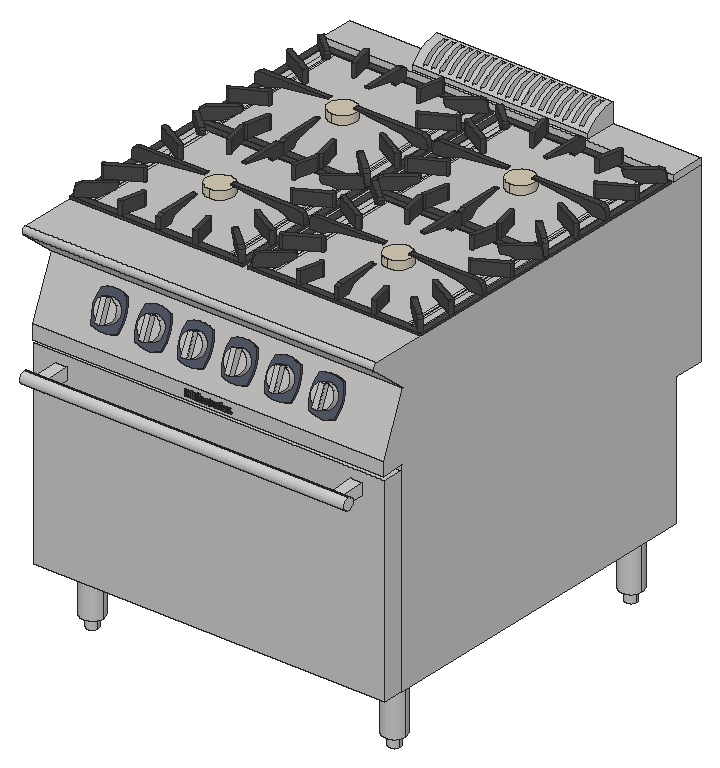
Revit family "QF_ELECTROLUXPROFESSIONAL_391574_E9AAMTBCMEI", category Attrezzature speciali, Revit 2018 (continued)
Automatic sketch dimensions
  Extrusion 17 sketch curve to plane 12 = 298.908 mm
  plane 5 "FRONT" to Extrusion 17 sketch curve = 31.821 mm
  Extrusion 17 sketch curve to Extrusion 17 sketch curve = 3.343 mm
  Extrusion 17 sketch curve to Extrusion 17 sketch curve = 2.066 mm
  Extrusion 17 sketch curve to Extrusion 17 sketch curve = 0 mm  (x2)
  Extrusion 17 sketch curve to Extrusion 17 sketch curve = 1.593 mm
  Extrusion 17 sketch curve to Extrusion 17 sketch curve = 5.756 mm
  Extrusion 17 sketch curve to Extrusion 17 sketch curve = 4.906 mm
  Extrusion 17 sketch curve to Extrusion 17 sketch curve = 5.312 mm
  plane 5 "FRONT" to Extrusion 17 sketch curve = 22.691 mm
  Extrusion 17 sketch curve to Extrusion 17 sketch curve = 11.3 mm
  Extrusion 17 sketch curve to Extrusion 17 sketch curve = 28.009 mm
  Extrusion 17 sketch curve to Extrusion 17 sketch curve = 2.83 mm
  Extrusion 18 sketch curve to plane 18 = 0 mm
  Extrusion 18 sketch curve to plane 12 = 298.908 mm
  plane 5 "FRONT" to Extrusion 18 sketch curve = 31.821 mm
  Extrusion 18 sketch curve to Extrusion 18 sketch curve = 3.343 mm
  Extrusion 18 sketch curve to Extrusion 18 sketch curve = 2.066 mm
  Extrusion 18 sketch curve to Extrusion 18 sketch curve = 0 mm  (x2)
  Extrusion 18 sketch curve to Extrusion 18 sketch curve = 1.593 mm
  Extrusion 18 sketch curve to Extrusion 18 sketch curve = 5.756 mm
  Extrusion 18 sketch curve to Extrusion 18 sketch curve = 4.906 mm
  Extrusion 18 sketch curve to Extrusion 18 sketch curve = 5.312 mm
  plane 5 "FRONT" to Extrusion 18 sketch curve = 22.691 mm
  Extrusion 18 sketch curve to Extrusion 18 sketch curve = 11.3 mm
  Extrusion 18 sketch curve to Extrusion 18 sketch curve = 28.009 mm
  Extrusion 18 sketch curve to Extrusion 18 sketch curve = 11.2 mm
  Extrusion 1 to Split face 1 sketch curve = 14.837 mm
  Split face 1 sketch curve to Extrusion 1 = 288.713 mm
  Extrusion 1 to Split face 2 sketch curve = 14.837 mm
  Split face 2 sketch curve to Extrusion 1 = 288.713 mm
  Extrusion 20 sketch curve to Extrusion 1 = 51 mm
  Extrusion 20 sketch curve to Extrusion 1 = 186.437 mm
  Extrusion 21 sketch curve to Extrusion 1 = 151 mm
  Extrusion 21 sketch curve to Extrusion 1 = 316.437 mm
  plane 5 "FRONT" to curve 1 = 0 mm
  plane 1 "BACK" to curve 5 = 0 mm
  curve 5 to plane 4 "RIGHT" = 0 mm
  plane 5 "FRONT" to curve 11 = 0 mm
  curve 10 to plane 3 "LEFT" = 0 mm
  curve 1 to plane 3 "LEFT" = 100.013 mm
  curve 2 to plane 4 "RIGHT" = 100.013 mm
  plane 17 to curve 11 = 0 mm
  curve 3 to plane 5 "FRONT" = 0.396 mm
  plane 11 to curve 7 = 4.762 mm
  curve 2 to plane 1 "BACK" = 100.013 mm
  Extrusion 10 sketch curve to Extrusion 9 = 0 mm  (x2)
  Extrusion 9 to Extrusion 10 sketch curve = 31.592 mm
  Extrusion 9 to Extrusion 10 sketch curve = 0.189 mm
  Extrusion 10 sketch curve to Extrusion 9 = 37.955 mm
  Extrusion 1 sketch curve to plane 12 = 0 mm
  Extrusion 1 sketch curve to plane 9 = 0 mm
  Extrusion 1 sketch curve to plane 1 "BACK" = 0 mm
  plane 16 to Extrusion 1 sketch curve = 44.681 mm
  plane 18 to Extrusion 1 sketch curve = 48.563 mm
  Extrusion 1 sketch curve to Extrusion 1 sketch curve = 3.175 mm
  Extrusion 1 sketch curve to Extrusion 1 sketch curve = 0.442 mm
  Extrusion 1 sketch curve to plane 18 = 2.478 mm
  Extrusion 1 sketch curve to plane 5 "FRONT" = 8.995 mm
  Extrusion 1 sketch curve to plane 5 "FRONT" = 3.18 mm
  Extrusion 1 sketch curve to plane 12 = 240.721 mm
  Extrusion 1 sketch curve to Extrusion 1 sketch curve = 1.552 mm
  Extrusion 1 sketch curve to Extrusion 1 sketch curve = 31.298 mm
  Extrusion 1 sketch curve to plane 12 = 84.067 mm
  Extrusion 1 sketch curve to plane 12 = 15.842 mm
  plane 13 to curve 16 = 25.075 mm
  plane 13 to curve 14 = 5.2 mm
  curve 15 to plane 13 = 20.2 mm
  curve 21 to plane 14 = 20.2 mm
  plane 14 to curve 19 = 5.2 mm
  plane 20 to curve 19 = 12.075 mm
  plane 5 "FRONT" to curve 16 = 46.591 mm
  curve 14 to curve 15 = 36.993 mm
  curve 17 to curve 20 = 9.598 mm
  curve 14 to curve 23 = 15.8 mm
  curve 20 to curve 19 = 15.802 mm
  plane 5 "FRONT" to curve 16 = 21.191 mm
  plane 11 to curve 24 = 11.113 mm
  plane 19 to curve 24 = 47.9 mm
  curve 24 to plane 13 = 144 mm
  curve 24 to curve 28 = 20.698 mm
  curve 25 to curve 27 = 9.296 mm
  plane 11 to curve 25 = 17.052 mm
  plane 1 "BACK" to curve 26 = 6.761 mm
  curve 27 to curve 29 = 9.397 mm
  curve 29 to curve 30 = 9.296 mm
  plane 11 to curve 32 = 17.052 mm
  plane 1 "BACK" to curve 30 = 6.761 mm
  curve 31 to curve 33 = 9.397 mm
  curve 33 to curve 34 = 9.296 mm
  plane 11 to curve 36 = 17.052 mm
  plane 1 "BACK" to curve 35 = 6.761 mm
  curve 34 to curve 37 = 9.397 mm
  curve 37 to curve 38 = 9.296 mm
  plane 11 to curve 40 = 17.052 mm
  plane 1 "BACK" to curve 39 = 6.761 mm
  curve 38 to curve 41 = 9.397 mm
  curve 41 to curve 42 = 9.296 mm
  plane 11 to curve 44 = 17.052 mm
  plane 1 "BACK" to curve 43 = 6.761 mm
  curve 42 to curve 45 = 9.397 mm
  curve 45 to curve 48 = 9.296 mm
  curve 43 to curve 45 = 0 mm
  plane 1 "BACK" to curve 47 = 6.761 mm
  curve 46 to curve 49 = 9.397 mm
  curve 49 to curve 52 = 9.296 mm
  curve 47 to curve 49 = 0 mm
  plane 1 "BACK" to curve 51 = 6.761 mm
  curve 51 to curve 56 = 9.397 mm
  curve 53 to curve 56 = 9.296 mm
  curve 51 to curve 53 = 0 mm
  plane 1 "BACK" to curve 55 = 6.761 mm
  curve 55 to curve 57 = 9.397 mm
  curve 57 to curve 60 = 9.296 mm
  curve 55 to curve 57 = 0 mm
  plane 1 "BACK" to curve 59 = 6.761 mm
  curve 58 to curve 61 = 9.397 mm
  curve 64 to plane 7 "Center Y" = 1.823 mm
  curve 59 to curve 61 = 0 mm
  plane 1 "BACK" to curve 63 = 6.761 mm
  plane 7 "Center Y" to curve 65 = 7.574 mm
  curve 65 to curve 68 = 8.858 mm
  curve 63 to curve 65 = 0 mm
  plane 1 "BACK" to curve 67 = 6.761 mm
  curve 67 to curve 72 = 9.397 mm
  curve 69 to curve 72 = 9.296 mm
  curve 67 to curve 69 = 0 mm
  plane 1 "BACK" to curve 71 = 6.761 mm
  curve 70 to curve 73 = 9.397 mm
  curve 73 to curve 76 = 9.296 mm
  curve 71 to curve 73 = 0 mm
  plane 1 "BACK" to curve 75 = 6.761 mm
  curve 74 to curve 77 = 9.397 mm
  curve 77 to curve 80 = 9.296 mm
  curve 75 to curve 77 = 0 mm
  plane 1 "BACK" to curve 79 = 6.761 mm
  curve 79 to curve 81 = 9.397 mm
  curve 81 to curve 84 = 9.296 mm
  curve 79 to curve 81 = 0 mm
  plane 1 "BACK" to curve 83 = 6.761 mm
  curve 82 to curve 85 = 9.397 mm
  curve 85 to curve 88 = 9.296 mm
  curve 83 to curve 85 = 0 mm
  plane 1 "BACK" to curve 87 = 6.761 mm
  curve 87 to curve 89 = 9.397 mm
  curve 89 to curve 92 = 9.296 mm
  curve 87 to curve 89 = 0 mm
  plane 1 "BACK" to curve 91 = 6.761 mm
  curve 90 to curve 93 = 9.397 mm
  curve 96 to plane 19 = 4.77 mm
  curve 91 to curve 93 = 0 mm
  plane 1 "BACK" to curve 95 = 6.761 mm
  plane 19 to curve 97 = 4.627 mm
  curve 97 to curve 100 = 9.296 mm
  curve 95 to curve 97 = 0 mm
  plane 1 "BACK" to curve 99 = 6.761 mm
  curve 98 to curve 101 = 9.397 mm
  curve 101 to curve 104 = 9.296 mm
  curve 99 to curve 101 = 0 mm
  plane 1 "BACK" to curve 103 = 6.761 mm
  radius of Extrusion 6 sketch curve = 25.4 mm  (x6)
  radius of Extrusion 7 sketch curve to Extrusion 6 = 0 mm  (x8)
  radius of Extrusion 16 sketch curve to Extrusion 18 = 0 mm
  radius of Extrusion 19 sketch curve = 12.7 mm
  radius of Split face 1 sketch curve = 5 mm
  radius of Split face 2 sketch curve = 5 mm
  radius of Extrusion 20 sketch curve = 6.4 mm
  radius of Extrusion 21 sketch curve = 12.7 mm
Nested families
  nested 1: "371009_BURNER" at (393.7, -440.488, 0) x (-1, 0, 0) z (0, 0, 1), type "371009_BURNER"
    with Type Mark "", Status "", Specification by User "", Revision Code "", Item Number "", Installed By "", Identify Quantity as Lot yes, Furnished By "", Foodservice Equipment Identifier yes
  nested 2: "371009_BURNER" at (393.7, -440.488, 0) x (-1, 0, 0) z (0, 0, 1), type "371009_BURNER"
    with Type Mark "", Status "", Specification by User "", Revision Code "", Item Number "", Installed By "", Identify Quantity as Lot yes, Furnished By "", Foodservice Equipment Identifier yes
  nested 3: "371009_BURNER" at (406.4, -440.488, 0), type "371009_BURNER"
    with Type Mark "", Status "", Specification by User "", Revision Code "", Item Number "", Installed By "", Identify Quantity as Lot yes, Furnished By "", Foodservice Equipment Identifier yes
  nested 4: "371009_BURNER" at (406.4, -440.488, 0), type "371009_BURNER"
    with Type Mark "", Status "", Specification by User "", Revision Code "", Item Number "", Installed By "", Identify Quantity as Lot yes, Furnished By "", Foodservice Equipment Identifier yes
Connectors
  piping at (749.1, -665, 129), diameter 12.8
    settings: on Extrusion 20, index 1, connector inside diameter 0.50394", connector length 0 mm, flow factor 0, pipe flow 0 GPM, pressure drop 0.00 psi, fitting loss kfactor 0, connector angle 0.00°, fixture units 0, engagement length 0 mm, angle of deflection 0.00°, flow configuration 1, flow direction 1, fitting loss method 0, system type 7, joint type 0, gender type 0, connector reference index -1, connector utility 0, adjustable connector no, is connector primary yes, connector description "GAS CONNECTION"
  electrical at (757.1, -760, 146)
    settings: on Extrusion 19, index 2, voltage 400 V, apparent load 0 VA, apparent load phase1 0 VA, apparent load phase2 0 VA, apparent load phase3 0 VA, power factor 1, load classification "Other", number of poles 1, system type 30, power factor state 1, is connector primary yes, connector utility no, sub classification motor no, connector description "ELECTRICAL CONNECTION"
Definition of nested family "371009_BURNER"
  Parameters
    Weight in Pounds = 0
    URL Cutsheet = ""
    URL = "www.electrolux.com"
    Type Mark [instance] = ""
    Status [instance] = ""
    Specification by User [instance] = ""
    Specification by Manufacturer = ""
    Show Clearance [instance] = yes
    Serial Number = ""
    Seismic Rating = ""
    SMACNA No = ""
    Revision Code [instance] = ""
    Omniclass Number and Title = ""
    NAFEM Spec ID Number = ""
    Model = "371009"
    Masterspec = ""
    Manufacturer = "ELECTROLUX"
    Item Number [instance] = ""
    Installed By [instance] = ""
    Identify Quantity as Lot [instance] = yes
    Furnished By [instance] = ""
    Foodservice Equipment Identifier [instance] = yes
    Description = ""
    CSI MasterFormat = ""
    CSI Master Format = ""
  Reference planes
    plane 1 "BACK": y = 0
    plane 2: z = 0
    plane 3 "LEFT": x = 0
    plane 4 "RIGHT": x = 393.7
    plane 5 "FRONT": y = -355.6
    plane 6 "TOP": z = 908.85
    plane 7 "Center Y": x = 196.85
    plane 8 "Center X": y = -177.8
    plane 9 "Base": z = 150
    plane 10: z = 850.85
  Forms (mm)
    Extrusion 1, solid
      sketch origin (-6.433, -404.961, 5) x (1, 0, 0) y (0, 0, -1)
        loop
          arc (7.142, -850.85) -> (6.739, -862.989) -> (9.761, -874.752) r 42.809
          line (9.761, -874.752) -> (19.961, -879.425) -> (173.122, -879.425)
          arc (173.122, -879.425) -> (174.316, -878.312) -> (173.289, -877.043) r 1.197
          line (173.289, -877.043) -> (64.848, -864.021)
          arc (64.848, -864.021) -> (50.111, -858.738) -> (36.589, -850.85) r 85.245
          line (36.589, -850.85) -> (7.142, -850.85)
        loop
          line (399.424, -850.85) -> (369.977, -850.85)
          arc (369.977, -850.85) -> (356.455, -858.738) -> (341.718, -864.021) r 85.245
          line (341.718, -864.021) -> (233.277, -877.043)
          arc (233.277, -877.043) -> (232.25, -878.312) -> (233.444, -879.425) r 1.197
          line (233.444, -879.425) -> (386.605, -879.425) -> (396.806, -874.752)
          arc (396.806, -874.752) -> (399.827, -862.989) -> (399.424, -850.85) r 42.809
      from 224.564 to 234.564
    Extrusion 2, solid
      sketch origin (196.85, 175.397, 1219.2) x (0, 1, 0) y (0, 0, 1)
        loop
          line (-204.463, -363.35) -> (-175.397, -363.35) -> (-175.397, -339.506)
          arc (-175.397, -339.506) -> (-181.025, -338.266) -> (-185.611, -334.775) r 13.39
          line (-185.611, -334.775) -> (-278.903, -334.775)
          arc (-278.903, -334.775) -> (-280.097, -335.888) -> (-279.07, -337.157) r 1.197
          line (-279.07, -337.157) -> (-227.151, -347.464)
          arc (-227.151, -347.464) -> (-213.741, -352.457) -> (-204.463, -363.35) r 28.426
        loop
          arc (-496.332, -363.35) -> (-487.053, -352.457) -> (-473.644, -347.464) r 28.426
          line (-473.644, -347.464) -> (-421.725, -337.157)
          arc (-421.725, -337.157) -> (-420.697, -335.888) -> (-421.891, -334.775) r 1.197
          line (-421.891, -334.775) -> (-515.184, -334.775)
          arc (-515.184, -334.775) -> (-519.769, -338.266) -> (-525.397, -339.506) r 13.39
          line (-525.397, -339.506) -> (-525.397, -363.35) -> (-496.332, -363.35)
      from -5 to 5
    Extrusion 3, solid
      sketch origin (-6.433, 367.064, 850.85) x (0, -1, 0) y (1, 0, 0)
        loop
          line (722.664, 6.433) -> (722.664, 400.133) -> (367.064, 400.133) -> (367.064, 6.433) -> (722.664, 6.433)
        loop
          line (382.064, 21.433) -> (707.664, 21.433) -> (707.664, 385.133) -> (382.064, 385.133) -> (382.064, 21.433)
      from 0 to 5
    Extrusion 4, solid
      sketch origin (-18.933, 367.064, 855.85) x (0, -1, 0) y (1, 0, 0)
        loop
          circle (541.667, 215.783) r 30
      from -1.321 to 17.134
    Extrusion 5, solid
      sketch origin (-6.433, -367.064, 0) x (1, 0, 0) y (0, 0, -1)
        loop
          line (21.433, -855.85) -> (36.589, -855.85)
          arc (36.589, -855.85) -> (40.561, -855.243) -> (44.305, -853.783) r 18.259
          arc (44.305, -853.783) -> (45.997, -853.366) -> (47.69, -853.783) r 3.649
          arc (47.69, -853.783) -> (49.901, -854.522) -> (52.232, -854.529) r 7.328
          line (52.232, -854.529) -> (354.334, -854.529)
          arc (354.334, -854.529) -> (356.666, -854.522) -> (358.877, -853.783) r 7.328
          arc (358.877, -853.783) -> (360.569, -853.366) -> (362.261, -853.783) r 3.649
          arc (362.261, -853.783) -> (366.005, -855.243) -> (369.977, -855.85) r 18.259
          line (369.977, -855.85) -> (385.133, -855.85) -> (385.133, -850.85) -> (21.433, -850.85) -> (21.433, -855.85)
      from 26.464 to 352.064
    Extrusion 6, solid
      sketch origin (83.284, -458.334, 5) x (0.742103, 0.670286, 0) y (0, 0, -1)
        loop
          arc (88.629, -864.012) -> (73.909, -858.731) -> (60.402, -850.85) r 85.245
          line (60.402, -850.85) -> (14.993, -850.85)
          arc (14.993, -850.85) -> (14.642, -862.948) -> (17.686, -874.663) r 42.876
          line (17.686, -874.663) -> (27.899, -879.425) -> (89.664, -879.425)
          arc (89.664, -879.425) -> (92.39, -878.352) -> (93.654, -875.709) r 4
          arc (93.654, -875.709) -> (92.562, -869.25) -> (88.629, -864.012) r 13.87
        loop
          arc (457.638, -864.012) -> (453.704, -869.25) -> (452.613, -875.709) r 13.87
          arc (452.613, -875.709) -> (453.876, -878.352) -> (456.603, -879.425) r 4
          line (456.603, -879.425) -> (518.367, -879.425) -> (528.581, -874.663)
          arc (528.581, -874.663) -> (531.624, -862.948) -> (531.273, -850.85) r 42.876
          line (531.273, -850.85) -> (485.865, -850.85)
          arc (485.865, -850.85) -> (472.357, -858.731) -> (457.638, -864.012) r 85.245
      from 127.064 to 137.064
    Extrusion 7, solid
      sketch origin (310.416, -458.334, 5) x (-0.742103, 0.670286, 0) y (0, 0, 1)
        loop
          arc (88.629, 864.012) -> (92.562, 869.25) -> (93.654, 875.709) r 13.87
          arc (93.654, 875.709) -> (92.39, 878.352) -> (89.664, 879.425) r 4
          line (89.664, 879.425) -> (27.899, 879.425) -> (17.686, 874.663)
          arc (17.686, 874.663) -> (14.642, 862.948) -> (14.993, 850.85) r 42.876
          line (14.993, 850.85) -> (60.402, 850.85)
          arc (60.402, 850.85) -> (73.909, 858.731) -> (88.629, 864.012) r 85.245
        loop
          arc (457.638, 864.012) -> (472.357, 858.731) -> (485.865, 850.85) r 85.245
          line (485.865, 850.85) -> (531.273, 850.85)
          arc (531.273, 850.85) -> (531.624, 862.948) -> (528.581, 874.663) r 42.876
          line (528.581, 874.663) -> (518.367, 879.425) -> (456.603, 879.425)
          arc (456.603, 879.425) -> (453.876, 878.352) -> (452.613, 875.709) r 4
          arc (452.613, 875.709) -> (453.704, 869.25) -> (457.638, 864.012) r 13.87
      from 127.064 to 137.064
    Extrusion 8, solid
      sketch origin (-6.433, 367.064, 855.85) x (0, -1, 0) y (1, 0, 0)
        loop
          arc (626.166, 9.428) -> (632.956, 7.454) -> (634.93, 14.244) r 5
          line (634.93, 14.244) -> (600.514, 76.878)
          arc (600.514, 76.878) -> (593.724, 78.852) -> (591.75, 72.062) r 5
          line (591.75, 72.062) -> (626.166, 9.428)
        loop
          line (463.562, 9.428) -> (497.977, 72.062)
          arc (497.977, 72.062) -> (496.003, 78.852) -> (489.213, 76.878) r 5
          line (489.213, 76.878) -> (454.798, 14.244)
          arc (454.798, 14.244) -> (456.772, 7.454) -> (463.562, 9.428) r 5
        loop
          line (626.166, 397.138) -> (591.75, 334.504)
          arc (591.75, 334.504) -> (593.724, 327.714) -> (600.514, 329.689) r 5
          line (600.514, 329.689) -> (634.93, 392.323)
          arc (634.93, 392.323) -> (632.956, 399.113) -> (626.166, 397.138) r 5
        loop
          arc (463.562, 397.138) -> (456.772, 399.113) -> (454.798, 392.323) r 5
          line (454.798, 392.323) -> (489.213, 329.689)
          arc (489.213, 329.689) -> (496.003, 327.714) -> (497.977, 334.504) r 5
          line (497.977, 334.504) -> (463.562, 397.138)
        loop
          line (715.14, 293.499) -> (666.703, 282.317)
          arc (666.703, 282.317) -> (662.956, 276.32) -> (668.953, 272.573) r 5
          line (668.953, 272.573) -> (717.389, 283.756)
          arc (717.389, 283.756) -> (721.136, 289.752) -> (715.14, 293.499) r 5
        loop
          arc (715.14, 113.067) -> (721.136, 116.814) -> (717.389, 122.811) r 5
          line (717.389, 122.811) -> (668.953, 133.993)
          arc (668.953, 133.993) -> (662.956, 130.246) -> (666.703, 124.249) r 5
          line (666.703, 124.249) -> (715.14, 113.067)
        loop
          arc (374.588, 293.499) -> (368.591, 289.752) -> (372.338, 283.756) r 5
          line (372.338, 283.756) -> (420.775, 272.573)
          arc (420.775, 272.573) -> (426.771, 276.32) -> (423.024, 282.317) r 5
          line (423.024, 282.317) -> (374.588, 293.499)
        loop
          line (374.588, 113.067) -> (423.024, 124.249)
          arc (423.024, 124.249) -> (426.771, 130.246) -> (420.775, 133.993) r 5
          line (420.775, 133.993) -> (372.338, 122.811)
          arc (372.338, 122.811) -> (368.591, 116.814) -> (374.588, 113.067) r 5
      from 0 to 28.575
  Lines and regions (mm)
    symbolic lines
      curve 1: line (0, -355.6, 150) -> (393.7, -355.6, 150)
      curve 2: line (0, 0, 150) -> (0, -355.6, 150)
      curve 3: line (393.7, -355.6, 150) -> (393.7, 0, 150)
      curve 4: line (369.633, -15, 150) -> (285.34, -15, 150)
      curve 5: line (24.067, -340.6, 150) -> (108.36, -340.6, 150)
      curve 6: line (157.475, -170.397, 150) -> (157.475, -15, 150)
      curve 7: line (236.225, -170.397, 150) -> (236.225, -15, 150)
      curve 8: line (201.85, -350, 150) -> (201.85, -176.674, 150)
      curve 9: line (0, -180.397, 150) -> (167.224, -180.397, 150)
      curve 10: line (393.7, -170.397, 150) -> (228.275, -170.397, 150)
      curve 11: line (15, -180.397, 150) -> (15, -252.506, 150)
      curve 12: line (45.799, -340.6, 150) -> (45.799, -320.971, 150)
      curve 13: line (167.224, -170.397, 150) -> (0, -170.397, 150)
      curve 14: line (228.275, -180.504, 150) -> (393.7, -180.504, 150)
      curve 15: arc (228.275, -170.397, 150) -> (223.221, -175.45, 150) -> (228.275, -180.504, 150) r 5.054
      curve 16: arc (167.224, -170.397, 150) -> (172.224, -175.397, 150) -> (167.224, -180.397, 150) r 5
      curve 17: line (191.85, -176.674, 150) -> (191.85, -350, 150)
      curve 18: line (201.85, -134.556, 150) -> (201.85, -0.794, 150)
      curve 19: arc (201.85, -176.674, 150) -> (196.85, -171.674, 150) -> (191.85, -176.674, 150) r 5
      curve 20: arc (201.85, -134.556, 150) -> (196.85, -139.556, 150) -> (191.85, -134.556, 150) r 5
      curve 21: line (191.85, -15, 150) -> (118.623, -15, 150)
      curve 22: arc (201.85, -29.042, 150) -> (213.272, -50.008, 150) -> (201.85, -70.973, 150) r 24.953
      curve 23: arc (213.086, -53.048, 150) -> (214.5, -50.008, 150) -> (213.086, -46.967, 150) r 3.975
      curve 24: arc (191.85, -29.852, 150) -> (181.339, -50.008, 150) -> (191.85, -70.163, 150) r 24.58
      curve 25: arc (181.527, -53.042, 150) -> (179.976, -50.008, 150) -> (181.527, -46.973, 150) r 3.745
      curve 26: line (191.85, -0.794, 150) -> (191.85, -134.556, 150)
      curve 27: line (191.85, -350, 150) -> (201.85, -350, 150)
      curve 28: line (191.85, -11.007, 150) -> (201.85, -11.007, 150)
      curve 29: line (191.85, -0.794, 150) -> (201.85, -0.794, 150)
      curve 30: line (201.85, -340.6, 150) -> (275.077, -340.6, 150)
      curve 31: arc (196.85, -145.397, 0) -> (166.955, -172.888, 0) -> (191.85, -204.977, 0) r 30
      curve 32: arc (201.85, -204.977, 0) -> (226.745, -172.888, 0) -> (196.85, -145.397, 0) r 30
      curve 33: arc (158.678, -180.397, 0) -> (170.734, -200.207, 0) -> (191.85, -209.795, 0) r 39.375
      curve 34: line (163.825, -170.397, 150) -> (163.825, -15, 150)
      curve 35: line (229.875, -170.397, 150) -> (229.875, -15, 150)
      curve 36: line (144.775, -170.397, 150) -> (144.775, -15, 150)
      curve 37: line (248.925, -170.397, 150) -> (248.925, -15, 150)
      curve 38: arc (145.678, -180.397, 0) -> (161.728, -209.187, 0) -> (191.85, -222.573, 0) r 52.075
      curve 39: arc (201.85, -209.795, 0) -> (222.966, -200.207, 0) -> (235.022, -180.397, 0) r 39.375
      curve 40: arc (201.85, -222.573, 0) -> (231.931, -209.224, 0) -> (248.001, -180.504, 0) r 52.075
      curve 41: line (393.7, 0, 0) -> (0, 0, 0)
      curve 42: line (70.445, -122.149, 0) -> (7.81, -87.734, 0)
      curve 43: arc (7.81, -87.734, 0) -> (1.021, -89.708, 0) -> (2.995, -96.498, 0) r 5
      curve 44: line (2.995, -96.498, 0) -> (65.629, -130.914, 0)
      curve 45: arc (65.629, -130.914, 0) -> (72.419, -128.939, 0) -> (70.445, -122.149, 0) r 5
      curve 46: line (65.629, -224.686, 0) -> (2.995, -259.102, 0)
      curve 47: arc (2.995, -259.102, 0) -> (1.021, -265.892, 0) -> (7.81, -267.866, 0) r 5
      curve 48: line (7.81, -267.866, 0) -> (70.445, -233.451, 0)
      curve 49: arc (70.445, -233.451, 0) -> (72.419, -226.661, 0) -> (65.629, -224.686, 0) r 5
      curve 50: line (323.255, -122.149, 0) -> (385.89, -87.734, 0)
      curve 51: arc (385.89, -87.734, 0) -> (392.679, -89.708, 0) -> (390.705, -96.498, 0) r 5
      curve 52: line (390.705, -96.498, 0) -> (328.071, -130.914, 0)
      curve 53: arc (328.071, -130.914, 0) -> (321.281, -128.939, 0) -> (323.255, -122.149, 0) r 5
      curve 54: line (328.071, -224.686, 0) -> (390.705, -259.102, 0)
      curve 55: arc (390.705, -259.102, 0) -> (392.679, -265.892, 0) -> (385.89, -267.866, 0) r 5
      curve 56: line (385.89, -267.866, 0) -> (323.255, -233.451, 0)
      curve 57: arc (323.255, -233.451, 0) -> (321.281, -226.661, 0) -> (328.071, -224.686, 0) r 5
      curve 58: line (118.623, -340.6, 150) -> (191.85, -340.6, 150)
      curve 59: line (285.34, -340.6, 150) -> (369.633, -340.6, 150)
      curve 60: line (378.7, -335.314, 0) -> (378.7, -263.916, 0)
      curve 61: line (1.326, -7.935, 0) -> (58.752, -59.804, 0)
      curve 62: line (65.455, -52.383, 0) -> (8.029, -0.514, 0)
      curve 63: arc (58.752, -59.804, 0) -> (65.814, -59.445, 0) -> (65.455, -52.383, 0) r 5
      curve 64: line (1.326, -7.935, 0) -> (8.029, -0.514, 0)
      curve 65: line (392.374, -7.935, 0) -> (334.948, -59.804, 0)
      curve 66: line (328.245, -52.383, 0) -> (385.671, -0.514, 0)
      curve 67: arc (334.948, -59.804, 0) -> (327.886, -59.445, 0) -> (328.245, -52.383, 0) r 5
      curve 68: line (392.374, -7.935, 0) -> (385.671, -0.514, 0)
      curve 69: line (392.374, -347.665, 0) -> (334.948, -295.796, 0)
      curve 70: line (328.245, -303.217, 0) -> (385.671, -355.086, 0)
      curve 71: arc (334.948, -295.796, 0) -> (327.886, -296.155, 0) -> (328.245, -303.217, 0) r 5
      curve 72: line (392.374, -347.665, 0) -> (385.671, -355.086, 0)
      curve 73: line (1.326, -347.665, 0) -> (58.752, -295.796, 0)
      curve 74: line (65.455, -303.217, 0) -> (8.029, -355.086, 0)
      curve 75: arc (58.752, -295.796, 0) -> (65.814, -296.155, 0) -> (65.455, -303.217, 0) r 5
      curve 76: line (1.326, -347.665, 0) -> (8.029, -355.086, 0)
      curve 77: line (347.901, -15, 0) -> (347.901, -34.629, 0)
      curve 78: line (347.901, -320.971, 0) -> (347.901, -340.6, 0)
      curve 79: line (378.7, -252.506, 0) -> (378.7, -180.397, 0)
      curve 80: line (347.901, -246.993, 0) -> (347.901, -307.496, 0)
      curve 81: line (378.7, -170.397, 0) -> (378.7, -103.094, 0)
      curve 82: line (347.901, -180.397, 0) -> (347.901, -235.582, 0)
      curve 83: line (378.7, -91.684, 0) -> (378.7, -20.286, 0)
      curve 84: line (347.901, -120.018, 0) -> (347.901, -170.397, 0)
      curve 85: line (347.901, -48.104, 0) -> (347.901, -108.607, 0)
      curve 86: line (275.077, -15, 150) -> (201.85, -15, 150)
      curve 87: line (108.36, -15, 150) -> (24.067, -15, 150)
      curve 88: line (45.799, -40, 150) -> (45.799, -15, 150)
      curve 89: line (45.799, -108.607, 150) -> (45.799, -40, 150)
      curve 90: line (15, -20.286, 0) -> (15, -91.684, 0)
      curve 91: line (15, -103.094, 0) -> (15, -170.397, 0)
      curve 92: line (45.799, -170.397, 150) -> (45.799, -120.018, 150)
      curve 93: line (45.799, -235.582, 150) -> (45.799, -180.397, 150)
      curve 94: line (15, -263.916, 150) -> (15, -335.314, 150)
      curve 95: line (45.799, -307.496, 150) -> (45.799, -246.993, 150)
      curve 96: line (116.378, -350.325, 0) -> (127.56, -301.889, 0)
      curve 97: arc (127.56, -301.889, 0) -> (123.813, -295.892, 0) -> (117.816, -299.64, 0) r 5
      curve 98: line (117.816, -299.64, 0) -> (106.634, -348.076, 0)
      curve 99: arc (106.634, -348.076, 0) -> (110.381, -354.072, 0) -> (116.378, -350.325, 0) r 5
      curve 100: line (266.14, -301.889, 0) -> (277.322, -350.325, 0)
      curve 101: arc (277.322, -350.325, 0) -> (283.319, -354.072, 0) -> (287.066, -348.076, 0) r 5
      curve 102: line (287.066, -348.076, 0) -> (275.884, -299.64, 0)
      curve 103: arc (275.884, -299.64, 0) -> (269.887, -295.892, 0) -> (266.14, -301.889, 0) r 5
      curve 104: line (275.884, -55.96, 0) -> (287.066, -7.524, 0)
      curve 105: arc (287.066, -7.524, 0) -> (283.319, -1.528, 0) -> (277.322, -5.275, 0) r 5
      curve 106: line (277.322, -5.275, 0) -> (266.14, -53.711, 0)
      curve 107: arc (266.14, -53.711, 0) -> (269.887, -59.708, 0) -> (275.884, -55.96, 0) r 5
      curve 108: line (127.56, -53.711, 0) -> (116.378, -5.275, 0)
      curve 109: arc (116.378, -5.275, 0) -> (110.381, -1.528, 0) -> (106.634, -7.524, 0) r 5
      curve 110: line (106.634, -7.524, 0) -> (117.816, -55.96, 0)
      curve 111: arc (117.816, -55.96, 0) -> (123.813, -59.708, 0) -> (127.56, -53.711, 0) r 5
  Dimensions and locks
    equal spacing: plane 3 "LEFT", plane 7 "Center Y", plane 4 "RIGHT"
    plane 3 "LEFT" to plane 4 "RIGHT" = 393.7 mm
    equal spacing: plane 5 "FRONT", plane 8 "Center X", plane 1 "BACK"
    plane 5 "FRONT" to plane 1 "BACK" = 355.6 mm
    plane 6 "TOP" to level = 908.85 mm
    plane 9 "Base" to level = 150 mm
    plane 6 "TOP" to plane 10 = 58 mm  (x2)
    locked: Extrusion 4 sketch curve to plane 7 "Center Y" at 0
    aligned and locked: level to plane 2
  Automatic sketch dimensions
    curve 10 to plane 4 "RIGHT" = 0 mm
    curve 20 to plane 7 "Center Y" = 0 mm
    curve 19 to plane 7 "Center Y" = 0 mm
    curve 9 to plane 3 "LEFT" = 0 mm
    plane 1 "BACK" to curve 2 = 0 mm
    plane 1 "BACK" to curve 3 = 0 mm
    plane 5 "FRONT" to curve 2 = 0 mm
    curve 4 to plane 4 "RIGHT" = 24.067 mm
    curve 59 to plane 4 "RIGHT" = 24.067 mm
    plane 1 "BACK" to curve 37 = 15 mm
    plane 7 "Center Y" to curve 37 = 52.075 mm
    curve 37 to curve 7 = 12.7 mm
    curve 7 to curve 35 = 6.35 mm
    plane 8 "Center X" to curve 15 = 2.35 mm
    curve 35 to curve 15 = 1.6 mm
    plane 7 "Center Y" to curve 23 = 16.236 mm
    curve 23 to curve 23 = 0 mm
    curve 23 to curve 23 = 2.56 mm
    curve 23 to curve 24 = 4.607 mm
    plane 7 "Center Y" to curve 86 = 5 mm
    plane 7 "Center Y" to curve 27 = 5 mm
    curve 22 to plane 7 "Center Y" = 8.531 mm
    curve 22 to curve 25 = 4.597 mm
    curve 25 to curve 25 = 2.194 mm  (x2)
    curve 9 to plane 8 "Center X" = 2.597 mm
    curve 17 to curve 9 = 24.626 mm
    curve 21 to curve 34 = 28.025 mm
    curve 34 to curve 6 = 6.35 mm
    plane 8 "Center X" to curve 36 = 7.403 mm
    curve 6 to curve 36 = 12.7 mm
    plane 3 "LEFT" to curve 12 = 45.799 mm
    plane 3 "LEFT" to curve 87 = 24.067 mm
    plane 3 "LEFT" to curve 5 = 24.067 mm
    plane 1 "BACK" to curve 26 = 0.794 mm
    curve 28 to curve 86 = 3.993 mm
    curve 28 to curve 21 = 3.993 mm
    curve 86 to curve 22 = 14.042 mm
    curve 22 to curve 24 = 0.81 mm
    curve 22 to curve 23 = 17.925 mm
    curve 25 to curve 22 = 3.035 mm
    plane 8 "Center X" to curve 26 = 43.244 mm
    curve 15 to curve 15 = 5.054 mm
    plane 8 "Center X" to curve 17 = 1.126 mm
    curve 94 to curve 12 = 5.286 mm
    curve 58 to plane 5 "FRONT" = 15 mm
    curve 59 to plane 5 "FRONT" = 15 mm
    curve 8 to plane 5 "FRONT" = 5.6 mm
    plane 3 "LEFT" to Extrusion 1 sketch curve = 0.709 mm
    plane 3 "LEFT" to Extrusion 1 sketch curve = 3.327 mm
    Extrusion 1 sketch curve to Extrusion 1 sketch curve = 10.201 mm
    plane 10 to Extrusion 1 sketch curve = 5 mm  (x2)
    Extrusion 1 sketch curve to Extrusion 1 sketch curve = 29.447 mm
    Extrusion 1 sketch curve to Extrusion 1 sketch curve = 12.704 mm  (x2)
    Extrusion 1 sketch curve to Extrusion 1 sketch curve = 15.555 mm  (x2)
    plane 3 "LEFT" to Extrusion 1 sketch curve = 79.689 mm
    Extrusion 1 sketch curve to plane 7 "Center Y" = 30.161 mm
    Extrusion 1 sketch curve to Extrusion 1 sketch curve = 0.167 mm  (x2)
    plane 7 "Center Y" to Extrusion 1 sketch curve = 29.994 mm
    Extrusion 1 sketch curve to plane 4 "RIGHT" = 79.689 mm
    plane 10 to Extrusion 1 sketch curve = 18.171 mm
    Extrusion 1 sketch curve to plane 4 "RIGHT" = 58.415 mm
    Extrusion 1 sketch curve to plane 4 "RIGHT" = 13.528 mm
    Extrusion 1 sketch curve to plane 4 "RIGHT" = 3.327 mm
    Extrusion 1 sketch curve to plane 4 "RIGHT" = 0.709 mm
    Extrusion 1 sketch curve to Extrusion 1 sketch curve = 23.902 mm  (x2)
    Extrusion 1 sketch curve to plane 6 "TOP" = 26.807 mm  (x2)
    Extrusion 1 sketch curve to Extrusion 1 sketch curve = 1.185 mm  (x2)
    Extrusion 1 sketch curve to Extrusion 1 sketch curve = 5.694 mm
    Extrusion 2 sketch curve to plane 1 "BACK" = 0 mm
    plane 1 "BACK" to Extrusion 2 sketch curve = 10.213 mm
    plane 10 to Extrusion 2 sketch curve = 5 mm  (x2)
    plane 1 "BACK" to Extrusion 2 sketch curve = 29.066 mm
    plane 10 to Extrusion 2 sketch curve = 20.886 mm
    Extrusion 2 sketch curve to Extrusion 2 sketch curve = 22.688 mm  (x2)
    Extrusion 2 sketch curve to plane 10 = 7.392 mm  (x2)
    Extrusion 2 sketch curve to plane 6 "TOP" = 24.425 mm
    Extrusion 2 sketch curve to Extrusion 2 sketch curve = 51.752 mm
    Extrusion 2 sketch curve to plane 6 "TOP" = 26.807 mm  (x2)
    Extrusion 2 sketch curve to Extrusion 2 sketch curve = 0.167 mm  (x2)
    Extrusion 2 sketch curve to plane 8 "Center X" = 68.528 mm
    Extrusion 2 sketch curve to plane 5 "FRONT" = 60.248 mm
    Extrusion 2 sketch curve to Extrusion 2 sketch curve = 2.895 mm
    Extrusion 2 sketch curve to plane 5 "FRONT" = 15.813 mm
    Extrusion 2 sketch curve to plane 5 "FRONT" = 5.6 mm
    Extrusion 2 sketch curve to Extrusion 2 sketch curve = 4.731 mm
    Extrusion 2 sketch curve to Extrusion 2 sketch curve = 23.844 mm
    Extrusion 2 sketch curve to Extrusion 2 sketch curve = 1.185 mm
    plane 1 "BACK" to Extrusion 3 sketch curve = 0 mm
    Extrusion 3 sketch curve to plane 3 "LEFT" = 0 mm
    plane 5 "FRONT" to Extrusion 3 sketch curve = 0 mm
    Extrusion 3 sketch curve to plane 4 "RIGHT" = 0 mm
    plane 1 "BACK" to Extrusion 3 sketch curve = 15 mm
    Extrusion 3 sketch curve to plane 5 "FRONT" = 15 mm
    plane 3 "LEFT" to Extrusion 3 sketch curve = 15 mm
    Extrusion 3 sketch curve to plane 4 "RIGHT" = 15 mm
    Extrusion 3 to Extrusion 4 sketch curve = 159.603 mm
    Extrusion 5 sketch curve to plane 10 = 0 mm
    plane 3 "LEFT" to Extrusion 5 sketch curve = 15 mm
    Extrusion 5 sketch curve to Extrusion 5 sketch curve = 14.402 mm
    plane 10 to Extrusion 5 sketch curve = 5 mm
    Extrusion 5 sketch curve to Extrusion 5 sketch curve = 15.156 mm
    plane 10 to Extrusion 5 sketch curve = 2.933 mm  (x3)
    Extrusion 5 sketch curve to Extrusion 5 sketch curve = 7.716 mm  (x2)
    Extrusion 5 sketch curve to Extrusion 5 sketch curve = 0 mm  (x3)
    Extrusion 5 sketch curve to Extrusion 5 sketch curve = 1.692 mm  (x2)
    Extrusion 5 sketch curve to Extrusion 5 sketch curve = 3.385 mm  (x2)
    Extrusion 5 sketch curve to plane 10 = 3.559 mm  (x2)
    plane 10 to Extrusion 5 sketch curve = 3.679 mm
    Extrusion 5 sketch curve to plane 4 "RIGHT" = 45.799 mm
    Extrusion 5 sketch curve to Extrusion 5 sketch curve = 1.143 mm
    Extrusion 5 sketch curve to plane 10 = 13.244 mm
    Extrusion 5 sketch curve to plane 4 "RIGHT" = 15 mm
    plane 10 to Extrusion 6 sketch curve = 5 mm  (x2)
    Extrusion 6 sketch curve to Extrusion 6 sketch curve = 2.692 mm  (x2)
    Extrusion 6 sketch curve to Extrusion 6 sketch curve = 10.213 mm  (x2)
    plane 10 to Extrusion 6 sketch curve = 12.281 mm
    Extrusion 6 sketch curve to Extrusion 6 sketch curve = 29.348 mm  (x2)
    Extrusion 6 sketch curve to Extrusion 6 sketch curve = 3.155 mm  (x2)
    Extrusion 6 sketch curve to Extrusion 6 sketch curve = 22.572 mm
    Extrusion 6 sketch curve to Extrusion 6 sketch curve = 8.81 mm
    Extrusion 6 sketch curve to Extrusion 6 sketch curve = 9.845 mm  (x2)
    Extrusion 6 sketch curve to Extrusion 6 sketch curve = 3.99 mm  (x2)
    Extrusion 6 sketch curve to Extrusion 6 sketch curve = 0 mm  (x2)
    Extrusion 6 sketch curve to Extrusion 6 sketch curve = 49.533 mm
    Extrusion 6 sketch curve to plane 10 = 64.377 mm
    Extrusion 6 sketch curve to Extrusion 6 sketch curve = 326.397 mm
    Extrusion 6 sketch curve to plane 6 "TOP" = 28.141 mm
    Extrusion 6 sketch curve to Extrusion 6 sketch curve = 16.281 mm
    Extrusion 6 sketch curve to Extrusion 6 sketch curve = 1.035 mm
    Extrusion 6 sketch curve to Extrusion 6 sketch curve = 19.417 mm
    Extrusion 6 sketch curve to Extrusion 6 sketch curve = 4.763 mm  (x2)
    Extrusion 6 sketch curve to Extrusion 6 sketch curve = 3.716 mm
    plane 10 to Extrusion 7 sketch curve = 5 mm  (x2)
    Extrusion 7 sketch curve to Extrusion 7 sketch curve = 2.692 mm  (x2)
    Extrusion 7 sketch curve to Extrusion 7 sketch curve = 10.213 mm  (x2)
    plane 10 to Extrusion 7 sketch curve = 12.281 mm
    Extrusion 7 sketch curve to Extrusion 7 sketch curve = 29.348 mm  (x2)
    Extrusion 7 sketch curve to Extrusion 7 sketch curve = 3.155 mm  (x2)
    Extrusion 7 sketch curve to Extrusion 7 sketch curve = 22.572 mm
    Extrusion 7 sketch curve to Extrusion 7 sketch curve = 8.81 mm
    Extrusion 7 sketch curve to Extrusion 7 sketch curve = 9.845 mm  (x2)
    Extrusion 7 sketch curve to Extrusion 7 sketch curve = 3.99 mm  (x2)
    Extrusion 7 sketch curve to Extrusion 7 sketch curve = 0 mm  (x2)
    Extrusion 7 sketch curve to Extrusion 7 sketch curve = 21.306 mm
    Extrusion 7 sketch curve to plane 10 = 64.377 mm  (x2)
    Extrusion 7 sketch curve to Extrusion 7 sketch curve = 326.397 mm
    Extrusion 7 sketch curve to plane 6 "TOP" = 28.141 mm
    Extrusion 7 sketch curve to Extrusion 7 sketch curve = 16.281 mm
    Extrusion 7 sketch curve to Extrusion 7 sketch curve = 1.035 mm
    Extrusion 7 sketch curve to Extrusion 7 sketch curve = 19.417 mm
    Extrusion 7 sketch curve to Extrusion 7 sketch curve = 7.281 mm
    Extrusion 7 sketch curve to Extrusion 7 sketch curve = 10.713 mm
    curve 58 to curve 12 = 72.824 mm
    curve 30 to curve 30 = 73.227 mm
    curve 58 to curve 5 = 10.263 mm
    curve 5 to curve 58 = 0 mm
    curve 59 to curve 30 = 10.263 mm
    curve 30 to curve 8 = 9.4 mm
    curve 31 to curve 32 = 0 mm
    curve 33 to curve 38 = 0 mm  (x2)
    curve 33 to curve 39 = 0 mm  (x2)
    curve 33 to curve 40 = 0 mm  (x2)
    plane 1 "BACK" to curve 41 = 0 mm
    curve 41 to plane 3 "LEFT" = 0 mm
    curve 31 to plane 7 "Center Y" = 0 mm
    curve 33 to plane 7 "Center Y" = 0 mm
    curve 41 to plane 4 "RIGHT" = 0 mm
    plane 3 "LEFT" to curve 76 = 1.326 mm
    plane 3 "LEFT" to curve 64 = 1.326 mm
    plane 3 "LEFT" to curve 44 = 2.995 mm
    plane 3 "LEFT" to curve 46 = 2.995 mm
    curve 43 to curve 43 = 2.408 mm
    curve 46 to curve 47 = 2.408 mm
    curve 47 to curve 47 = 2.408 mm
    curve 43 to curve 42 = 2.408 mm
    curve 76 to plane 5 "FRONT" = 0.514 mm
    plane 3 "LEFT" to curve 76 = 8.029 mm
    plane 1 "BACK" to curve 62 = 0.514 mm
    plane 3 "LEFT" to curve 62 = 8.029 mm
    curve 48 to curve 75 = 50.941 mm
    curve 43 to curve 63 = 50.941 mm
    curve 75 to curve 75 = 3.351 mm
    curve 63 to curve 63 = 3.351 mm
    plane 1 "BACK" to curve 62 = 52.383 mm
    curve 63 to curve 62 = 3.351 mm
    curve 74 to plane 5 "FRONT" = 52.383 mm
    curve 75 to curve 74 = 3.351 mm
    plane 3 "LEFT" to curve 46 = 65.629 mm
    plane 3 "LEFT" to curve 44 = 65.629 mm
    curve 45 to curve 45 = 2.408 mm
    curve 46 to curve 49 = 2.408 mm
    curve 49 to curve 48 = 2.408 mm
    curve 45 to curve 42 = 2.408 mm
    curve 38 to plane 8 "Center X" = 2.597 mm
    curve 38 to plane 7 "Center Y" = 51.172 mm
    curve 33 to plane 8 "Center X" = 2.597 mm
    curve 38 to curve 33 = 12.999 mm
    curve 33 to plane 7 "Center Y" = 5 mm
    curve 38 to plane 7 "Center Y" = 5 mm
    curve 31 to curve 33 = 0 mm
    plane 7 "Center Y" to curve 32 = 5 mm
    plane 7 "Center Y" to curve 40 = 5 mm
    curve 39 to curve 32 = 0 mm
    curve 39 to plane 8 "Center X" = 2.597 mm
    plane 7 "Center Y" to curve 39 = 38.172 mm
    curve 40 to plane 8 "Center X" = 2.704 mm
    curve 39 to curve 40 = 12.979 mm
    curve 50 to plane 4 "RIGHT" = 70.445 mm
    curve 57 to plane 4 "RIGHT" = 70.445 mm
    curve 50 to curve 53 = 2.408 mm
    curve 57 to curve 57 = 2.408 mm  (x2)
    curve 53 to curve 53 = 2.408 mm
    curve 71 to curve 71 = 3.351 mm
    curve 67 to curve 67 = 3.351 mm
    curve 71 to curve 69 = 3.351 mm
    curve 67 to curve 65 = 3.351 mm
    curve 60 to plane 4 "RIGHT" = 15 mm
    curve 72 to plane 5 "FRONT" = 0.514 mm
    curve 72 to plane 4 "RIGHT" = 8.029 mm
    plane 1 "BACK" to curve 68 = 0.514 mm
    curve 68 to plane 4 "RIGHT" = 8.029 mm
    curve 50 to plane 4 "RIGHT" = 7.81 mm
    curve 55 to plane 4 "RIGHT" = 7.81 mm
    curve 55 to curve 55 = 2.408 mm
    curve 50 to curve 51 = 2.408 mm
    curve 55 to plane 4 "RIGHT" = 2.995 mm
    curve 51 to plane 4 "RIGHT" = 2.995 mm
    curve 69 to plane 4 "RIGHT" = 1.326 mm
    curve 65 to plane 4 "RIGHT" = 1.326 mm
    curve 72 to plane 5 "FRONT" = 7.935 mm
    curve 60 to plane 5 "FRONT" = 20.286 mm
    curve 71 to curve 56 = 27.93 mm
    curve 73 to curve 48 = 27.93 mm
    curve 47 to curve 47 = 4.382 mm
    curve 55 to curve 55 = 4.382 mm
    curve 56 to plane 8 "Center X" = 55.651 mm
    curve 48 to plane 8 "Center X" = 55.651 mm
    curve 57 to curve 57 = 4.382 mm
    curve 49 to curve 49 = 4.382 mm
    curve 40 to plane 8 "Center X" = 44.773 mm
    curve 39 to curve 32 = 4.818 mm
    plane 8 "Center X" to curve 31 = 2.403 mm
    plane 8 "Center X" to curve 45 = 46.886 mm
    plane 8 "Center X" to curve 52 = 46.886 mm
    curve 53 to curve 53 = 4.382 mm
    curve 45 to curve 45 = 4.382 mm
    curve 53 to curve 52 = 34.416 mm
    curve 44 to curve 61 = 36.694 mm
    curve 43 to curve 43 = 4.382 mm
    curve 51 to curve 51 = 4.382 mm
    curve 51 to curve 65 = 27.93 mm
    plane 1 "BACK" to curve 83 = 20.286 mm
    plane 1 "BACK" to curve 88 = 15 mm
    plane 1 "BACK" to curve 77 = 15 mm
    curve 77 to curve 83 = 30.799 mm
    curve 78 to plane 5 "FRONT" = 15 mm
    curve 80 to curve 71 = 7.989 mm
    curve 78 to curve 60 = 30.799 mm
    curve 78 to curve 80 = 13.475 mm
    curve 55 to curve 79 = 10.979 mm
    curve 82 to curve 57 = 6.514 mm
    curve 80 to curve 78 = 0 mm
    curve 80 to curve 82 = 11.41 mm
    curve 77 to curve 66 = 37.77 mm
    curve 60 to curve 79 = 11.41 mm
    plane 8 "Center X" to curve 81 = 7.403 mm
    plane 8 "Center X" to curve 84 = 7.403 mm
    curve 82 to plane 8 "Center X" = 2.597 mm
    curve 82 to curve 84 = 0 mm
    curve 79 to plane 8 "Center X" = 2.597 mm
    curve 79 to curve 81 = 0 mm
    curve 81 to curve 51 = 10.979 mm
    curve 53 to curve 85 = 17.924 mm
    curve 84 to curve 81 = 30.799 mm
    curve 84 to curve 85 = 11.41 mm
    curve 52 to curve 84 = 19.83 mm
    curve 81 to curve 83 = 11.41 mm
    curve 67 to curve 85 = 7.989 mm
    curve 85 to curve 77 = 0 mm
    curve 85 to curve 77 = 13.475 mm
    curve 86 to curve 37 = 26.152 mm
    curve 4 to curve 86 = 10.263 mm
    curve 86 to curve 4 = 0 mm
    curve 36 to curve 21 = 26.152 mm
    curve 88 to curve 88 = 25 mm
    plane 8 "Center X" to curve 89 = 69.193 mm
    curve 43 to curve 90 = 9.597 mm
    curve 43 to curve 90 = 0.432 mm
    plane 1 "BACK" to curve 90 = 20.286 mm
    curve 93 to plane 8 "Center X" = 2.597 mm
    plane 8 "Center X" to curve 91 = 7.403 mm
    curve 95 to plane 8 "Center X" = 69.193 mm
    curve 93 to curve 94 = 28.333 mm
    curve 95 to curve 12 = 33.104 mm
    curve 21 to curve 87 = 10.263 mm
    curve 87 to curve 21 = 0 mm
    curve 91 to curve 90 = 11.41 mm
    curve 89 to curve 87 = 21.732 mm
    curve 89 to curve 92 = 11.41 mm
    curve 92 to curve 89 = 0 mm
    plane 8 "Center X" to curve 92 = 7.403 mm
    curve 91 to curve 90 = 0 mm
    curve 93 to curve 95 = 0 mm
    curve 93 to curve 95 = 11.41 mm
    curve 11 to curve 94 = 0 mm
    curve 11 to curve 94 = 11.41 mm
    curve 95 to curve 11 = 30.799 mm
    curve 95 to curve 12 = 13.475 mm
    plane 3 "LEFT" to curve 95 = 45.799 mm
    curve 95 to curve 5 = 33.104 mm
    Extrusion 8 sketch curve to Extrusion 3 = 5.275 mm  (x2)
    Extrusion 8 sketch curve to Extrusion 8 sketch curve = 1.125 mm  (x16)
    Extrusion 3 to Extrusion 8 sketch curve = 38.711 mm  (x2)
    Extrusion 8 sketch curve to Extrusion 3 = 7.19 mm  (x3)
    Extrusion 3 to Extrusion 8 sketch curve = 72.734 mm  (x2)
    Extrusion 8 sketch curve to Extrusion 8 sketch curve = 4.382 mm  (x16)
    Extrusion 8 sketch curve to Extrusion 3 = 2.995 mm  (x4)
    Extrusion 8 sketch curve to Extrusion 8 sketch curve = 34.416 mm  (x4)
    Extrusion 3 to Extrusion 8 sketch curve = 50.629 mm  (x3)
    Extrusion 8 sketch curve to Extrusion 8 sketch curve = 93.773 mm  (x2)
    Extrusion 3 to Extrusion 8 sketch curve = 40.96 mm  (x2)
    Extrusion 8 sketch curve to Extrusion 3 = 7.476 mm  (x2)
    Extrusion 8 sketch curve to Extrusion 8 sketch curve = 2.408 mm  (x4)
    Extrusion 3 to Extrusion 8 sketch curve = 91.634 mm  (x2)
    Extrusion 8 sketch curve to Extrusion 8 sketch curve = 4.872 mm  (x8)
    Extrusion 8 sketch curve to Extrusion 8 sketch curve = 11.182 mm  (x4)
    Extrusion 3 to Extrusion 8 sketch curve = 112.56 mm
    Extrusion 8 sketch curve to Extrusion 8 sketch curve = 61.931 mm
    Extrusion 3 to Extrusion 8 sketch curve = 55.445 mm
    Extrusion 8 sketch curve to Extrusion 8 sketch curve = 4.816 mm
    curve 67 to curve 85 = 19.656 mm
    curve 71 to curve 80 = 19.656 mm
    curve 99 to plane 5 "FRONT" = 7.524 mm
    curve 74 to curve 99 = 41.179 mm
    curve 98 to curve 99 = 4.872 mm
    curve 96 to plane 5 "FRONT" = 5.275 mm
    curve 99 to curve 96 = 4.872 mm
    curve 99 to curve 98 = 11.182 mm
    curve 98 to curve 97 = 4.872 mm
    curve 96 to plane 5 "FRONT" = 53.711 mm
    curve 97 to curve 96 = 4.872 mm
    curve 97 to curve 97 = 1.125 mm
    curve 103 to curve 70 = 62.105 mm
    curve 103 to curve 103 = 4.872 mm  (x2)
    curve 100 to plane 5 "FRONT" = 5.275 mm
    curve 100 to curve 100 = 11.182 mm
    curve 101 to curve 101 = 4.872 mm
    curve 102 to plane 5 "FRONT" = 7.524 mm
    curve 101 to curve 102 = 4.872 mm
    curve 100 to curve 100 = 48.436 mm
    curve 103 to curve 103 = 1.125 mm
    curve 106 to curve 67 = 62.105 mm
    curve 107 to curve 107 = 4.872 mm
    plane 1 "BACK" to curve 104 = 55.96 mm
    curve 107 to curve 104 = 4.872 mm
    plane 1 "BACK" to curve 105 = 5.275 mm
    curve 107 to curve 105 = 11.182 mm
    curve 105 to curve 105 = 4.872 mm  (x2)
    curve 107 to curve 107 = 1.125 mm
    plane 1 "BACK" to curve 104 = 7.524 mm
    plane 1 "BACK" to curve 109 = 7.524 mm
    curve 62 to curve 109 = 41.179 mm
    curve 109 to curve 109 = 4.872 mm
    plane 1 "BACK" to curve 108 = 5.275 mm
    curve 109 to curve 108 = 4.872 mm
    curve 110 to curve 111 = 11.182 mm
    curve 110 to curve 111 = 4.872 mm
    plane 1 "BACK" to curve 108 = 53.711 mm
    curve 111 to curve 108 = 4.872 mm
    curve 111 to curve 108 = 2.25 mm
    radius of Extrusion 4 sketch curve = 30 mm
Types (2, lengths in mm): name | URL | Phase | Modello | Produttore | Gas Size | Descrizione
  (no name) | "www.electrolux.com" | 0 | "391010" | "ELECTROLUX" | 0" | "900XP 4 GAS BURNERS 6kW ON ELECTRIC OVEN 400V - TEMP 110/285°C"
  Standard | "https://www.electroluxprofessional.com/" | 3 | "E9AAMTBCMEI" | "Electrolux Professional" | 1/2" | "4-BURNER GAS RANGE+ELECTRIC OVEN 800MM - QMARK"
